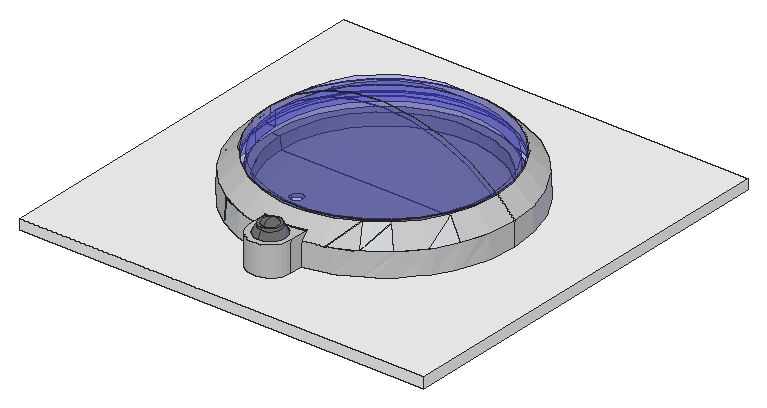
Revit family "BE_24176_de_DE", category Leuchten, Revit 2020
Family settings
  Basisbauteil = Fläche
  Bemaßung runder Anschluss = Durchmesser verwenden
  Teiletyp = Normal
  Beim Laden mit Abzugskörper schneiden = Ja
  Lichtquelle = Ja
  Gemeinsam genutzt = Nein
  Raumberechnungspunkt = Ja
Parameters (values of type "BEGA_24176_Grafit_K3")
  built-in parameter 1150104 = 15.589 (stored number, unit not read)
  Wattage = 12.9 W
  Default Elevation = 0 mm
  built-in parameter 1150113 = 1 (stored number, unit not read)
  built-in parameter 1114218 = 1 (stored number, unit not read)
  Umgebungstemperatur = "25 °C"
  URL = "https://www.bega.com/de/produkt/24176"
  Typenkommentare = "© 2022 BEGA. Wir behalten uns das Recht vor, technische Änderungen ohne vorherige Ankündigung vorzunehmen."  # constant formula
  Type Image = 24176.png
  built-in parameter 1150134 = (empty or 0)
  built-in parameter 1150109 = 1 (stored number, unit not read)
  Strom = ""
  built-in parameter 1150110 = 1 (stored number, unit not read)
  Spannung = 239.996 V
  Sonderanfertigung = no
  Seriennummer [instance] = "Hier können Sie die eindeutige Seriennummer für das Facility Management eintragen."
  Schutzklasse = "I"
  Schutzart = "IP 65"
  Scheinlast = 0 VA
  Produktdatenblatt = "https://cdn.bega.com/bega/products/24176K4/current/documents/data-sheets/de"
  Oberflächentemperatur = ""
  Neigungswinkel = 0.00°
  Modell = "24176K3"
  Material_18 = BEGA_Gummi_schwarz
  Material_17 = BEGA_Reflektor
  Material_15 = BEGA_Leuchtmedium_matt
  Material_11 = BEGA_Glas_opal
  Material_09 = BEGA_Glas_klar
  Material_06 = BEGA_Oberfläche_Edelstahl_gebürstet
  Material_03 = BEGA_Oberfläche_Weiss_matt
  Material_02 = BEGA_Oberfläche_Silber_matt
  Material_01 [instance] = BEGA_Oberfläche_Grafit_matt
  M_W = no
  M_G = yes
  M_A = no
  Logo = 0
  built-in parameter 1114217 = 1 (stored number, unit not read)
  built-in parameter 1150139 = (empty or 0)
  built-in parameter 1150105 = 172.25 (stored number, unit not read)
  built-in parameter 1150114 = 1 (stored number, unit not read)
  Lumens = 2164.62 lm
  built-in parameter 1150115 = 1 (stored number, unit not read)
  Leuchtenlichtstrom = "1450 lm"
  Leuchtenanzahl = ""
  Lebensdauerkriterien = "L70B50 @ 25 °C = 155000 h"
  Lastklassifizierung = Beleuchtung
  built-in parameter 1150112 = 1 (stored number, unit not read)
  Lampenlichtstrom = "2165 lm"
  Lampe = "LED 12.9 W"
  LED_Modulbezeichnung = "LED-1183/830"
  built-in parameter 1150142 = (empty or 0)
  Hersteller = "BEGA"  # constant formula
  Halbstreuwinkel = ""
  Gewicht = "2.75 kg"
  Gebrauchslageneinschränkung [instance] = ""
  Frequenz = "0/50-60 Hz"
  Farbwiedergabeindex = "CRI > 80"
  Farbtemperaturverschiebung bei Dämpfen der Lampe = <Keine Auswahl>
  Farbtemperatur = "3000 K"
  Color Filter = 16777215
  built-in parameter 1150133 = 10 (stored number, unit not read)
  Energieeffizienzklasse = "LED A++ - A"
  built-in parameter 1150137 = (empty or 0)
  built-in parameter 1150132 = (empty or 0)
  ENEC = ""
  Datei für fotometrisches Netz = "BE_24176K3.IES"
  CE_Konformität = "ja"
  Bestellnummer = "24176K3"
  Beschreibung_Sonderanfertigung = "Hier können Sie Informationen zur Sonderanfertigung eintragen."
  Beschreibung = "Wandleuchte mit PIR-Bewegungs- und Lichtsensor"
  built-in parameter 1150106 = 1.7225 (stored number, unit not read)
  Befestigungsbohrung = "Ø 4,5 mm"
  Befestigungsabstand = "236 mm"
  Ballwurfsicher = ""
  BEGA_Intern_aus = yes
  BEGA_Intern_an = yes
  BEGA_Intern_Konstruktion = yes
  BEGA_Intern = yes
  BEGA_IES = yes
  BEGA_Dummy = no
  Anschlussleitung = ""
  Anschlussleistung [instance] = "15.7 W"
  built-in parameter 1150107 = 3000 (stored number, unit not read)
  built-in parameter 1150102 = (empty or 0)
  built-in parameter 1150138 = (empty or 0)
  Aktualisierung = "2022-05-18T04:00:07"
  Abstand_zur_angestrahlten_Fläche [instance] = ""
  AC/DC = "AC/DC"
Types (4, lengths in mm): name | built-in parameter 1150104 | built-in parameter 1150134 | Modell | M_G | M_A | built-in parameter 1150105 | Lumens | Leuchtenlichtstrom | Lampenlichtstrom | LED_Modulbezeichnung | Farbtemperatur | Datei für fotometrisches Netz | Bestellnummer | built-in parameter 1150106 | built-in parameter 1150107
  BEGA_24176_Grafit_K3 | 15.589 (stored number, unit not read) | (empty or 0) | "24176K3" | yes | no | 172.25 (stored number, unit not read) | 2164.62 lm | "1450 lm" | "2165 lm" | "LED-1183/830" | "3000 K" | "BE_24176K3.IES" | "24176K3" | 1.7225 (stored number, unit not read) | 3000 (stored number, unit not read)
  BEGA_24176_Silber_K4 | 16.388 (stored number, unit not read) | 12 | "24176AK4" | no | yes | 181.08 (stored number, unit not read) | 2275.56 lm | "1524 lm" | "2275 lm" | "LED-1183/840" | "4000 K" | "BE_24176K4.IES" | "24176AK4" | 1.8108 (stored number, unit not read) | 4000 (stored number, unit not read)
  BEGA_24176_Silber_K3 | 15.589 (stored number, unit not read) | (empty or 0) | "24176AK3" | no | yes | 172.25 (stored number, unit not read) | 2164.62 lm | "1450 lm" | "2165 lm" | "LED-1183/830" | "3000 K" | "BE_24176K3.IES" | "24176AK3" | 1.7225 (stored number, unit not read) | 3000 (stored number, unit not read)
  BEGA_24176_Grafit_K4 | 16.388 (stored number, unit not read) | 12 | "24176K4" | yes | no | 181.08 (stored number, unit not read) | 2275.56 lm | "1524 lm" | "2275 lm" | "LED-1183/840" | "4000 K" | "BE_24176K4.IES" | "24176K4" | 1.8108 (stored number, unit not read) | 4000 (stored number, unit not read)
Reference planes
  plane 1 "Mitte (Vorne/Hinten)": y = 0
  plane 2: z = 0
  plane 3 "Mitte (Links/Rechts)": x = 0
  plane 4 "Links": x = -130
  plane 5 "Rechts": x = 130
  plane 6 "Unten": y = -161
  plane 7 "Oben": y = 130
  plane 8 "Vorne": z = 86
  plane 9 "Hinten": z = 0
Forms (mm)
  Extrusion 1, solid, material "BEGA_Platte_Weiss"
    sketch origin (0, -1119.2, 0) x (1, 0, 0) y (0, 1, 0)
      loop
        line (-200, 1319.2) -> (-200, 919.2) -> (200, 919.2) -> (200, 1319.2) -> (-200, 1319.2)
    from 0 to -10
  Extrusion 2, solid, material "BEGA_Dummy_matt", visible <- "BEGA_Dummy"
    sketch origin (77.149, -76.023, 0) x (1, 0, 0) y (0, 1, 0)
      loop
        circle (-77.149, 76.023) r 160.992
    from 0 to 86
Dimensions and locks
  plane 1 "Mitte (Vorne/Hinten)" to Extrusion 1 = 200 mm
  aligned and locked: plane 2 to Extrusion 1
  aligned and locked: level to Extrusion 1
Nested families
  nested 1: "BE_24176" at (0, 0, 0), type "BE_24176"
Connectors
  electrical at (0, 0, 0), driven by "Lastklassifizierung", driven by "Spannung", driven by "Scheinlast"
    settings: index 1, voltage 239.996 V, apparent load 0 VA, apparent load phase1 0 VA, apparent load phase2 0 VA, apparent load phase3 0 VA, power factor 1, load classification "Beleuchtung", number of poles 1, system type 31, power factor state 1, is connector primary yes, connector utility no, sub classification motor no, connector description ""
Definition of nested family "BE_24176"
  Parameters (values of type "BE_24176")
    Default Elevation = 1 mm
    URL = "http://www.bega.de/de/produkt"
    Type Comments = "© 2015 BEGA. Wir behalten uns das Recht vor, technische Änderungen ohne vorherige Ankündigung vorzunehmen. "  # constant formula
    Type Image = (empty or 0)
    Neigungswinkel_um_Z2 = 0.00°
    Neigungswinkel_um_Z1 = 0.00°
    Neigungswinkel_um_Y2 = 0.00°
    Neigungswinkel_um_Y1 = 0.00°
    Neigungswinkel_um_X2 = 0.00°
    Neigungswinkel_um_X1 = 0.00°
    Material_18 = none
    Material_17 = none
    Material_15 = none
    Material_11 = none
    Material_09 = none
    Material_06 = none
    Material_02 = none
    Material_01 = none
    M_W = yes
    M_G = yes
    M_A = yes
    Länge_Platte = 200 mm  # constant formula
    Höhe_Platte = -10 mm  # constant formula
    Manufacturer = "BEGA"  # constant formula
    Drehwinkel_um_Z2 = 0.00°
    Drehwinkel_um_Z1 = 0.00°
    Breite_Platte = 200 mm  # constant formula
  Reference planes
    plane 1 "Mitte (Oben/Unten)": y = 0
    plane 2: z = 0
    plane 3 "Mitte (Links/Rechts)": x = 0
    plane 4 "Vorne": z = 86
    plane 5 "Rechts": x = 130
    plane 6 "Oben": y = 130
    plane 7: x = -130
    plane 8: y = -161
  Forms (mm)
    Extrusion 1, solid, detail levels medium
      sketch origin (0, 0, 0) x (1, 0, 0) y (0, 1, 0)
        loop
          line (-100, 100) -> (-100, -100) -> (100, -100) -> (100, 100) -> (-100, 100)
      from 0 to -10 <- "Höhe_Platte"
    Revolve 2, solid, material <- "Material_11"
      sketch origin (0, 0, 0) x (1, 0, 0) y (0, 0, 1)
        loop
          arc (0, 85.441) -> (-59.627, 74.573) -> (-111.585, 43.365) r 168.999
          line (-111.585, 43.365) -> (-112.017, 31) -> (-115.862, 31) -> (-116.036, 26) -> (-107.188, 26) -> (-106.664, 41.016)
          arc (-106.664, 41.016) -> (-56.859, 70.269) -> (0, 80.441) r 164.002
          line (0, 80.441) -> (0, 85.441)
        axis (0, 85.441) -> (0, 26)
      angle from 0 to 360
    Revolve 3, solid
      sketch origin (0, 0, 0) x (1, 0, 0) y (0, 0, 1)
        loop
          arc (-112.664, 42.63) -> (-121.237, 34.401) -> (-129.211, 25.591) r 169
          line (-129.211, 25.591) -> (-130, 3) -> (-127.4, 3) -> (-126.651, 24.435)
          arc (-126.651, 24.435) -> (-122.893, 28.702) -> (-118.991, 32.838) r 166.3
          line (-118.991, 32.838) -> (-113, 33.014) -> (-112.664, 42.63)
        axis (0, 3) -> (0, 42.63)
      angle from 0 to 360
    Revolve 4, solid, material <- "Material_01"
      sketch origin (0, 0, 0) x (1, 0, 0) y (0, 0, 1)
        loop
          line (-111.681, 0) -> (-108, 0) -> (-107.623, 10.8) -> (-105.2, 10.8) -> (-104.99, 4.8) -> (0, 4.8) -> (0, 7.6) -> (-102.084, 7.6) -> (-102.5, 19.5) -> (-111.14, 19.5) -> (-111.07, 17.5) -> (-111.681, 0)
        axis (0, 0) -> (0, 19.5)
      angle from 0 to 360
    Revolve 5, solid, material <- "Material_01", visible <- "M_G"
      sketch origin (0, 0, 0) x (1, 0, 0) y (0, 0, 1)
        loop
          arc (-112.664, 42.63) -> (-121.237, 34.401) -> (-129.211, 25.591) r 169
          line (-129.211, 25.591) -> (-130, 3) -> (-127.4, 3) -> (-126.651, 24.435)
          arc (-126.651, 24.435) -> (-122.893, 28.702) -> (-118.991, 32.838) r 166.3
          line (-118.991, 32.838) -> (-113, 33.014) -> (-112.664, 42.63)
        axis (0, 3) -> (0, 42.63)
      angle from 0 to 360
    Extrusion 6, solid, material <- "Material_01"
      sketch origin (0, 0, 0) x (1, 0, 0) y (0, 1, 0)
        loop
          arc (-122.07, 15.099) -> (-123, 0) -> (-122.07, -15.099) r 123
          line (-122.07, -15.099) -> (-108.551, -17.482)
          arc (-108.551, -17.482) -> (-109.95, 0) -> (-108.551, 17.482) r 109.95
          line (-108.551, 17.482) -> (-122.07, 15.099)
        loop
          arc (-119.806, 7.818) -> (-120.061, 0.077) -> (-119.816, -7.663) r 120.061
          arc (-119.816, -7.663) -> (-117.312, -10.06) -> (-114.714, -7.765) r 2.561
          arc (-114.714, -7.765) -> (-114.962, -0.016) -> (-114.71, 7.733) r 120.061
          arc (-114.71, 7.733) -> (-117.295, 10.06) -> (-119.816, 7.663) r 2.561
        loop
          line (122.07, 15.099) -> (108.551, 17.482)
          arc (108.551, 17.482) -> (109.95, 0) -> (108.551, -17.482) r 109.95
          line (108.551, -17.482) -> (122.07, -15.099)
          arc (122.07, -15.099) -> (123, 0) -> (122.07, 15.099) r 123
        loop
          arc (119.816, -7.663) -> (120.061, 0) -> (119.816, 7.663) r 120.061
          arc (119.816, 7.663) -> (117.48, 10.051) -> (114.77, 8.097) r 2.561
          arc (114.77, 8.097) -> (115.041, 0.008) -> (114.766, -8.081) r 120.061
          arc (114.766, -8.081) -> (117.471, -10.052) -> (119.816, -7.663) r 2.561
      from 0 to 3.077
    Revolve 7, solid, material <- "Material_02", visible <- "M_A"
      sketch origin (0, 0, 0) x (1, 0, 0) y (0, 0, 1)
        loop
          arc (-112.664, 42.63) -> (-121.237, 34.401) -> (-129.211, 25.591) r 169
          line (-129.211, 25.591) -> (-130, 3) -> (-127.4, 3) -> (-126.651, 24.435)
          arc (-126.651, 24.435) -> (-122.893, 28.702) -> (-118.991, 32.838) r 166.3
          line (-118.991, 32.838) -> (-113, 33.014) -> (-112.664, 42.63)
        axis (0, 3) -> (0, 42.63)
      angle from 0 to 360
    Extrusion 8, void
      sketch origin (0, 0, 0) x (1, 0, 0) y (0, 1, 0)
        loop
          circle (-45.491, -50.894) r 6.005
        loop
          circle (45.491, -50.894) r 6.005
      from 0 to 20.35
    Extrusion 9, void
      sketch origin (0, 0, 0) x (1, 0, 0) y (0, 1, 0)
        loop
          arc (-20.5, -140.5) -> (0, -161) -> (20.5, -140.5) r 20.5
          line (20.5, -140.5) -> (20.5, -121.202)
          arc (20.5, -121.202) -> (0, -123.541) -> (-20.5, -121.202) r 91.041
          line (-20.5, -121.202) -> (-20.5, -140.5)
      from 0 to 250
    Extrusion 10, solid, material <- "Material_01", visible <- "M_G"
      sketch origin (0, 0, 0) x (1, 0, 0) y (0, 1, 0)
        loop
          line (20.5, -140.5) -> (20.5, -121.202)
          arc (20.5, -121.202) -> (0, -123.541) -> (-20.5, -121.202) r 91.041
          line (-20.5, -121.202) -> (-20.5, -140.5)
          arc (-20.5, -140.5) -> (0, -161) -> (20.5, -140.5) r 20.5
        loop
          circle (0, -140.5) r 15.1
      from 3 to 32
    Revolve 11, solid, material <- "Material_18"
      sketch origin (0, 0, 0) x (0, 1, 0) y (0, 0, 1)
        loop
          line (-140.45, 44.73) -> (-140.45, 27.7) -> (-125.45, 27.7)
          arc (-125.45, 27.7) -> (-126.605, 33.472) -> (-129.892, 38.355) r 15
          line (-129.892, 38.355) -> (-129.973, 40.671) -> (-132.793, 40.671)
          arc (-132.793, 40.671) -> (-136.117, 43.652) -> (-140.45, 44.73) r 9.251
        axis (-140.45, 27.7) -> (-140.45, 44.73)
      angle from 0 to 360
    Extrusion 12, solid, material <- "Material_02", visible <- "M_A"
      sketch origin (0, 0, 0) x (1, 0, 0) y (0, 1, 0)
        loop
          line (20.5, -140.5) -> (20.5, -121.202)
          arc (20.5, -121.202) -> (0, -123.541) -> (-20.5, -121.202) r 91.041
          line (-20.5, -121.202) -> (-20.5, -140.5)
          arc (-20.5, -140.5) -> (0, -161) -> (20.5, -140.5) r 20.5
        loop
          circle (0, -140.5) r 15.1
      from 3 to 32
  Cuts and joins
    Extrusion 8 cuts Revolve 4
    Extrusion 8 cuts Extrusion 6
    joined: Revolve 4, Extrusion 6
    Extrusion 8 cuts Revolve 2
    Extrusion 9 cuts Revolve 3
    Extrusion 9 cuts Revolve 5
    Extrusion 9 cuts Revolve 7
  Dimensions and locks
    equal spacing: Extrusion 1 sketch curve, plane 3 "Mitte (Links/Rechts)", Extrusion 1 sketch curve
    equal spacing: Extrusion 1 sketch curve, plane 1 "Mitte (Oben/Unten)", Extrusion 1 sketch curve
    "Länge_Platte": Extrusion 1 sketch curve to Extrusion 1 sketch curve
    "Breite_Platte": Extrusion 1 sketch curve to Extrusion 1 sketch curve
    aligned and locked: plane 2 to Extrusion 1
    aligned and locked: level to Extrusion 1
  Automatic sketch dimensions
    level to Revolve 2 sketch curve = 26 mm
    Revolve 2 sketch curve to Revolve 2 sketch curve = 0.175 mm
    level to Revolve 2 sketch curve = 31 mm
    Revolve 2 sketch curve to Revolve 2 sketch curve = 3.845 mm
    Revolve 2 sketch curve to Revolve 2 sketch curve = 0.432 mm
    Revolve 2 sketch curve to Revolve 2 sketch curve = 4.828 mm
    Revolve 2 sketch curve to Revolve 2 sketch curve = 4.921 mm
    Revolve 2 sketch curve to plane 3 "Mitte (Links/Rechts)" = 0 mm
    plane 3 "Mitte (Links/Rechts)" to Revolve 2 sketch curve = 0 mm
    plane 3 "Mitte (Links/Rechts)" to Revolve 2 sketch curve = 0.001 mm
    Revolve 2 sketch curve to Revolve 2 sketch curve = 0.002 mm
    Revolve 2 sketch curve to Revolve 2 sketch curve = 10.016 mm
    Revolve 2 sketch curve to Revolve 2 sketch curve = 2.35 mm
    Revolve 2 sketch curve to Revolve 2 sketch curve = 0 mm  (x3)
    Revolve 3 sketch curve to plane 3 "Mitte (Links/Rechts)" = 0 mm  (x2)
    level to Revolve 3 sketch curve = 42.63 mm
    level to Revolve 3 sketch curve = 33.014 mm
    Revolve 3 sketch curve to Revolve 3 sketch curve = 0.336 mm
    level to Revolve 3 sketch curve = 32.838 mm
    Revolve 3 sketch curve to Revolve 3 sketch curve = 5.992 mm
    level to Revolve 3 sketch curve = 24.435 mm
    Revolve 3 sketch curve to Revolve 3 sketch curve = 7.66 mm
    level to Revolve 3 sketch curve = 3 mm
    Revolve 3 sketch curve to Revolve 3 sketch curve = 0.749 mm
    level to Revolve 3 sketch curve = 25.591 mm
    Revolve 3 sketch curve to Revolve 3 sketch curve = 2.56 mm
    Revolve 3 sketch curve to Revolve 3 sketch curve = 2.6 mm
    plane 3 "Mitte (Links/Rechts)" to Revolve 3 sketch curve = 0 mm
    level to Revolve 3 sketch curve = 8.328 mm
    Revolve 3 sketch curve to Revolve 3 sketch curve = 17.672 mm
    Revolve 4 sketch curve to level = 0 mm
    Revolve 4 sketch curve to plane 3 "Mitte (Links/Rechts)" = 0 mm  (x3)
    level to Revolve 4 sketch curve = 7.6 mm
    Revolve 4 sketch curve to Revolve 4 sketch curve = 0.416 mm
    Revolve 4 sketch curve to Revolve 4 sketch curve = 2.906 mm
    level to Revolve 4 sketch curve = 10.8 mm
    Revolve 4 sketch curve to Revolve 4 sketch curve = 3.116 mm
    Revolve 4 sketch curve to Revolve 4 sketch curve = 2.423 mm
    Revolve 4 sketch curve to Revolve 4 sketch curve = 3.01 mm
    level to Revolve 4 sketch curve = 17.5 mm
    Revolve 4 sketch curve to Revolve 4 sketch curve = 3.447 mm
    Revolve 4 sketch curve to Revolve 4 sketch curve = 0.07 mm
    Revolve 4 sketch curve to Revolve 4 sketch curve = 3.681 mm
    Revolve 4 sketch curve to Revolve 4 sketch curve = 2.8 mm
    Revolve 4 sketch curve to Revolve 4 sketch curve = 2 mm
    Revolve 4 sketch curve to Revolve 4 sketch curve = 0 mm
    Revolve 4 sketch curve to Revolve 4 sketch curve = 18.4 mm
    Revolve 5 sketch curve to plane 3 "Mitte (Links/Rechts)" = 0 mm  (x2)
    Revolve 5 sketch curve to level = 0 mm
    level to Revolve 5 sketch curve = 42.63 mm
    level to Revolve 5 sketch curve = 33.014 mm
    Revolve 5 sketch curve to Revolve 5 sketch curve = 0.336 mm
    level to Revolve 5 sketch curve = 32.838 mm
    Revolve 5 sketch curve to Revolve 5 sketch curve = 5.992 mm
    level to Revolve 5 sketch curve = 24.435 mm
    Revolve 5 sketch curve to Revolve 5 sketch curve = 7.66 mm
    level to Revolve 5 sketch curve = 3 mm
    Revolve 5 sketch curve to Revolve 5 sketch curve = 0.749 mm
    level to Revolve 5 sketch curve = 25.591 mm
    Revolve 5 sketch curve to Revolve 5 sketch curve = 2.56 mm
    Revolve 5 sketch curve to Revolve 5 sketch curve = 2.6 mm
    plane 3 "Mitte (Links/Rechts)" to Revolve 5 sketch curve = 0 mm
    Revolve 5 sketch curve to Revolve 5 sketch curve = 27.529 mm
    Extrusion 6 sketch curve to Extrusion 6 sketch curve = 0 mm  (x19)
    plane 1 "Mitte (Oben/Unten)" to Extrusion 6 sketch curve = 0 mm
    Extrusion 6 sketch curve to plane 3 "Mitte (Links/Rechts)" = 0 mm
    Extrusion 6 sketch curve to plane 1 "Mitte (Oben/Unten)" = 0.037 mm
    Extrusion 6 sketch curve to plane 3 "Mitte (Links/Rechts)" = 5.02 mm
    plane 1 "Mitte (Oben/Unten)" to Extrusion 6 sketch curve = 7.5 mm
    Extrusion 6 sketch curve to plane 1 "Mitte (Oben/Unten)" = 7.5 mm  (x2)
    plane 1 "Mitte (Oben/Unten)" to Extrusion 6 sketch curve = 0.041 mm
    plane 3 "Mitte (Links/Rechts)" to Extrusion 6 sketch curve = 5.098 mm
    Extrusion 6 sketch curve to Extrusion 6 sketch curve = 2.55 mm
    Extrusion 6 sketch curve to Extrusion 6 sketch curve = 2.547 mm
    Extrusion 6 sketch curve to Extrusion 6 sketch curve = 6.159 mm
    plane 1 "Mitte (Oben/Unten)" to Extrusion 6 sketch curve = 17.482 mm
    Extrusion 6 sketch curve to Extrusion 6 sketch curve = 6.162 mm
    Extrusion 6 sketch curve to Extrusion 6 sketch curve = 2.545 mm
    Extrusion 6 sketch curve to Extrusion 6 sketch curve = 2.555 mm  (x2)
    Extrusion 6 sketch curve to Extrusion 6 sketch curve = 0.01 mm
    Extrusion 6 sketch curve to plane 1 "Mitte (Oben/Unten)" = 15.099 mm  (x2)
    Extrusion 6 sketch curve to Extrusion 6 sketch curve = 13.519 mm  (x4)
    plane 1 "Mitte (Oben/Unten)" to Extrusion 6 sketch curve = 15.099 mm  (x2)
    Extrusion 6 sketch curve to Extrusion 6 sketch curve = 2.494 mm
    Extrusion 6 sketch curve to Extrusion 6 sketch curve = 2.49 mm
    Extrusion 6 sketch curve to plane 1 "Mitte (Oben/Unten)" = 17.482 mm
    Extrusion 6 sketch curve to Extrusion 6 sketch curve = 6.219 mm
    Extrusion 6 sketch curve to Extrusion 6 sketch curve = 8.709 mm
    Extrusion 6 sketch curve to Extrusion 6 sketch curve = 0.581 mm
    Extrusion 6 sketch curve to Extrusion 6 sketch curve = 0.163 mm  (x2)
    Revolve 7 sketch curve to plane 3 "Mitte (Links/Rechts)" = 0 mm  (x2)
    Revolve 7 sketch curve to level = 0 mm
    level to Revolve 7 sketch curve = 42.63 mm
    level to Revolve 7 sketch curve = 33.014 mm
    Revolve 7 sketch curve to Revolve 7 sketch curve = 0.336 mm
    level to Revolve 7 sketch curve = 32.838 mm
    Revolve 7 sketch curve to Revolve 7 sketch curve = 5.992 mm
    level to Revolve 7 sketch curve = 24.435 mm
    Revolve 7 sketch curve to Revolve 7 sketch curve = 7.66 mm
    level to Revolve 7 sketch curve = 3 mm
    Revolve 7 sketch curve to Revolve 7 sketch curve = 0.749 mm
    level to Revolve 7 sketch curve = 25.591 mm
    Revolve 7 sketch curve to Revolve 7 sketch curve = 2.56 mm
    Revolve 7 sketch curve to Revolve 7 sketch curve = 2.6 mm
    plane 3 "Mitte (Links/Rechts)" to Revolve 7 sketch curve = 0 mm
    Revolve 7 sketch curve to Revolve 7 sketch curve = 27.529 mm
    Extrusion 8 sketch curve to plane 3 "Mitte (Links/Rechts)" = 45.491 mm
    plane 3 "Mitte (Links/Rechts)" to Extrusion 8 sketch curve = 45.491 mm
    plane 1 "Mitte (Oben/Unten)" to Extrusion 8 sketch curve = 50.894 mm  (x2)
    plane 7 to Revolve 2 sketch curve = 23.336 mm
    Revolve 3 sketch curve to plane 7 = 0 mm
    plane 7 to Revolve 4 sketch curve = 27.916 mm
    Revolve 5 sketch curve to plane 7 = 0 mm
    Revolve 7 sketch curve to plane 7 = 0 mm
    Revolve 2 sketch curve to level = 83.558 mm
    Extrusion 9 sketch curve to plane 3 "Mitte (Links/Rechts)" = 0 mm  (x2)
    Extrusion 9 sketch curve to Extrusion 9 sketch curve = 20.5 mm
    plane 1 "Mitte (Oben/Unten)" to Extrusion 9 sketch curve = 32.5 mm
    Extrusion 10 sketch curve to plane 3 "Mitte (Links/Rechts)" = 0 mm  (x2)
    plane 1 "Mitte (Oben/Unten)" to Extrusion 10 sketch curve = 32.5 mm
    Extrusion 10 sketch curve to plane 3 "Mitte (Links/Rechts)" = 20.5 mm
    Extrusion 10 sketch curve to Extrusion 10 sketch curve = 0 mm  (x3)
    level to Revolve 11 sketch curve = 27.7 mm
    Revolve 11 sketch curve to Revolve 11 sketch curve = 7.779 mm
    Revolve 11 sketch curve to Revolve 11 sketch curve = 2.315 mm
    Revolve 11 sketch curve to Revolve 11 sketch curve = 0 mm  (x2)
    Revolve 11 sketch curve to Revolve 11 sketch curve = 0.192 mm
    Revolve 11 sketch curve to Revolve 11 sketch curve = 2.03 mm
    Extrusion 12 sketch curve to Extrusion 12 sketch curve = 0 mm  (x3)
    Extrusion 12 sketch curve to plane 3 "Mitte (Links/Rechts)" = 0 mm  (x2)
    Extrusion 12 sketch curve to plane 3 "Mitte (Links/Rechts)" = 20.5 mm
    plane 1 "Mitte (Oben/Unten)" to Extrusion 12 sketch curve = 32.5 mm
    Extrusion 9 sketch curve to Extrusion 9 sketch curve = 88.702 mm
    Extrusion 9 sketch curve to Extrusion 9 sketch curve = 19.298 mm
    Extrusion 10 sketch curve to Extrusion 10 sketch curve = 88.702 mm
    Extrusion 10 sketch curve to Extrusion 10 sketch curve = 19.298 mm
    plane 1 "Mitte (Oben/Unten)" to Revolve 11 sketch curve = 140.45 mm
    Revolve 11 sketch curve to Revolve 11 sketch curve = 7.657 mm
    Revolve 11 sketch curve to Revolve 11 sketch curve = 2.82 mm
    level to Revolve 11 sketch curve = 38.355 mm
    Revolve 11 sketch curve to Revolve 11 sketch curve = 0.081 mm
    Extrusion 12 sketch curve to Extrusion 12 sketch curve = 88.702 mm
    Extrusion 12 sketch curve to Extrusion 12 sketch curve = 19.298 mm
    radius of Extrusion 8 sketch curve = 6.005 mm  (x2)
    radius of Extrusion 10 sketch curve = 15.1 mm
    radius of Extrusion 12 sketch curve = 15.1 mm
